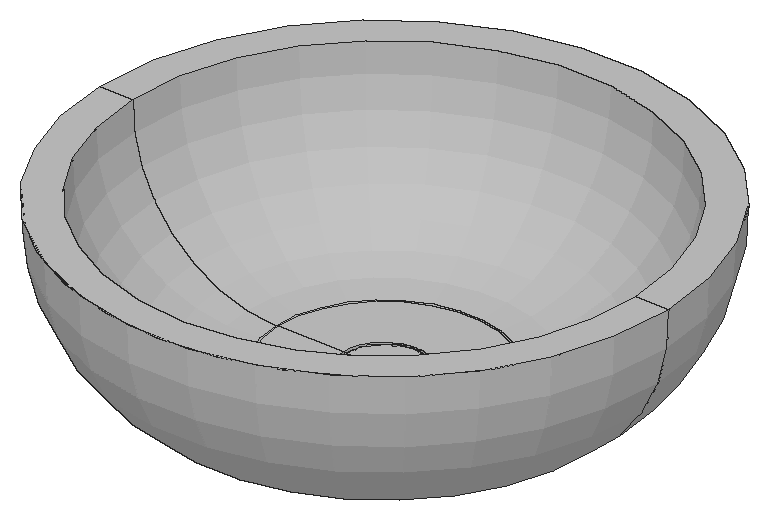
Revit family "Reece_Basin_Omvivo_Villa_Above Counter Basin_430 mm", category Plumbing Fixtures, host Face, Revit 2018
Family settings
  Host = Face
  Round Connector Dimension = Use Diameter
  Part Type = Normal
  Cut with Voids When Loaded = No
  Shared = Yes
  Room Calculation Point = Yes
Parameters (values of type "Cove Grey")
  WFU = 0  # constant formula
  URL = "https://www.reece.com.au/product/-1967640"
  Type Comments = "Basin"
  Reece_Product_Web Page = "https://www.reece.com.au/product/-1967640"
  Reece_Product_Type = "Basin"  # constant formula
  Reece_Product_Sub Brand = "Villa"  # constant formula
  Reece_Product_Number = "1967640"
  Reece_Product_Mount = "Above Counter"
  Reece_Product_Description = "Omvivo Villa Round Above Counter Basin 430 Cove Grey"
  Reece_Product_Brand = "Omvivo"  # constant formula
  Reece_Overall_Width = 430 mm  # constant formula
  Reece_Overall_Length = 430 mm  # constant formula
  Reece_Overall_Height = 146 mm  # constant formula
  Reece_Overall_Capacity = 18.00 L  # constant formula
  Reece_Material-Main = Reece_Cast_Solid_Surface_Cove Grey
  Reece_Detail_Installation = "Above Counter"  # constant formula
  Reece_Detail_Disclaimer = "THIS FILE IS THE PROPERTY OF THE REECE GROUP. IT MAY NOT BE REPRODUCED, REVERSE-ENGINEERED OR MODIFIED. ANY REPUBLICATION, TRANSMISSION OR DISTRIBUTION FOR THE PURPOSE OF COMMERCIALLY EXPLOITING THE FILES IS PROHIBITED."  # constant formula
  Reece_Detail_Connector = "No Taphole"  # constant formula
  Reece_Detail_Additional = "No Overflow"  # constant formula
  Reece_Basin_Outlet = 40 mm  # constant formula
  Model = "Villa"
  Manufacturer = "Omvivo"
  Keynote = "Product #1967640, Reece_Basin_Omvivo_Villa_Above Counter Basin_430 mm - Cove Grey"
  HWFU = 0  # constant formula
  Disclaimer = "THIS FILE IS THE PROPERTY OF THE REECE GROUP. IT MAY NOT BE REPRODUCED, REVERSE-ENGINEERED OR MODIFIED. ANY REPUBLICATION, TRANSMISSION OR DISTRIBUTION FOR THE PURPOSE OF COMMERCIALLY EXPLOITING THE FILES IS PROHIBITED."  # constant formula
  Description = "Omvivo Villa Round Above Counter Basin 430 Cove Grey"
  Default Elevation = 1000 mm
  CWFU = 0  # constant formula
Types (3, lengths in mm): name | URL | Reece_Product_Web Page | Reece_Product_Number | Reece_Product_Description | Reece_Material-Main | Keynote | Description
  (no name) | "https://www.reece.com.au/product/-1967636" | "https://www.reece.com.au/product/-1967636" | "1967636" | "Omvivo Villa Round Above Counter Basin 430 White Haven" | Reece_Cast_Solid_Surface_White Haven | "Product #1967636, Reece_Basin_Omvivo_Villa_Above Counter Basin_430 mm -  " | "Omvivo Villa Round Above Counter Basin 430 White Haven"
  White Haven | "https://www.reece.com.au/product/-1967636" | "https://www.reece.com.au/product/-1967636" | "1967636" | "Omvivo Villa Round Above Counter Basin 430 White Haven" | Reece_Cast_Solid_Surface_White Haven | "Product #1967636, Reece_Basin_Omvivo_Villa_Above Counter Basin_430 mm - White Haven" | "Omvivo Villa Round Above Counter Basin 430 White Haven"
  Cove Grey | "https://www.reece.com.au/product/-1967640" | "https://www.reece.com.au/product/-1967640" | "1967640" | "Omvivo Villa Round Above Counter Basin 430 Cove Grey" | Reece_Cast_Solid_Surface_Cove Grey | "Product #1967640, Reece_Basin_Omvivo_Villa_Above Counter Basin_430 mm - Cove Grey" | "Omvivo Villa Round Above Counter Basin 430 Cove Grey"
Reference planes
  plane 1 "Center (Front/Back)": y = -79.125
  plane 2 "Bottom": z = 0
  plane 3 "Center (Left/Right)": x = 0
  plane 4: x = 215
  plane 5: x = -215
  plane 6: y = 135.875
  plane 7: y = -294.125
  plane 8: z = 146
  plane 9: z = 6
  plane 10: z = -13
Forms (mm)
  Revolve 1, solid, material "Reece_Cast_Solid_Surface_Cove Grey" <- "Reece_Material-Main"
    sketch origin (0, -79.125, 0) x (1, 0, 0) y (0, 0, 1)
      loop
        line (-20, 0) -> (-20, 5) -> (-30.867, 10.067) -> (-30.867, 31) -> (-80.545, 31)
        arc (-80.545, 31) -> (-81.294, 31.003) -> (-82.044, 31.011) r 100
        arc (-82.044, 31.011) -> (-160.388, 65.623) -> (-189.976, 146) r 109.705
        line (-189.976, 146) -> (-215, 146)
        arc (-215, 146) -> (-177.713, 47.561) -> (-81, 6) r 134.705
        line (-81, 6) -> (-75, 0) -> (-20, 0)
      axis (0, 146) -> (0, 0)
    angle from 0 to 360
  Extrusion 2, void
    sketch origin (0, 0, 0) x (1, 0, 0) y (0, 1, 0)
      loop
        circle (0, -79.125) r 62.5
    from -13 to 33.548
  Revolve 3, solid, material "Reece_Cast_Solid_Surface_Cove Grey" <- "Reece_Material-Main"
    sketch origin (0, -79.125, 35.532) x (1, 0, 0) y (0, 0, 1)
      loop
        line (0, -48.532) -> (0, -4.532) -> (-28.275, -4.532)
        arc (-28.275, -4.532) -> (-28.951, -4.812) -> (-29.231, -5.487) r 0.956
        line (-29.231, -5.487) -> (-29.231, -10.25) -> (-21.866, -10.25) -> (-18.461, -16.148) -> (-18.461, -48.532) -> (0, -48.532)
      axis (0, -48.532) -> (0, -4.532)
    angle from 0 to 360
  Revolve 4, solid
    sketch origin (0, -79.125, 0) x (1, 0, 0) y (0, 0, 1)
      loop
        line (-20, 0) -> (-48, 0)
        arc (-48, 0) -> (-40.725, -5.725) -> (-35, -13) r 39.082
        line (-35, -13) -> (-20, -13) -> (-20, 0)
      axis (0, 0) -> (0, -13)
    angle from 0 to 360
  Extrusion 5, void
    sketch origin (0, 0, 0) x (1, 0, 0) y (0, 1, 0)
      loop
        circle (0, -79.125) r 62.5
    from -40.11 to 53.856
Text (mm)
  text "Reece Copyright © 2018, Reece Ltd." at (-902.343, -740.328, 0), in view "Ref. Level"
  text "Reece ©" at (44.384, 258.95, 192.345), in view "Reece Preview"
Dimensions and locks
  equal spacing: plane 5, plane 3 "Center (Left/Right)", plane 4
  "Reece_Overall_Width": plane 5 to plane 4
  "Reece_Overall_Width": plane 5 to Revolve 1
  plane 9 to host face = 6 mm
  Revolve 1 to Revolve 1 = 150 mm
  "Reece_Overall_Length": plane 6 to plane 7
  equal spacing: plane 6, plane 1 "Center (Front/Back)", plane 7
  plane 5 to Revolve 1 = 25.024 mm
  Revolve 1 to Revolve 1 = 379.952 mm
  "Reece_Overall_Length": plane 6 to plane 8
  "Reece_Overall_Height": level to Revolve 1
  Revolve 4 to Revolve 4 = 96 mm
  host face to plane 9 = 6 mm
  "Reece_Overall_Height": plane 2 "Bottom" to plane 8
  plane 10 to plane 8 = 159 mm
  Revolve 4 to Revolve 4 = 70 mm
  aligned and locked: host face to plane 2 "Bottom"
  aligned and locked: level to host face
Automatic sketch dimensions
  host sketch curve to host sketch curve = 801.051 mm
  host sketch curve to host sketch curve = 660.299 mm
  plane 1 "Center (Front/Back)" to Extrusion 2 sketch curve = 0 mm
  Extrusion 2 sketch curve to plane 3 "Center (Left/Right)" = 0 mm
  Revolve 1 sketch curve to Revolve 1 sketch curve = 0 mm  (x3)
  plane 5 to Revolve 1 sketch curve = 0 mm
  Revolve 1 sketch curve to plane 8 = 0 mm
  Revolve 1 sketch curve to plane 9 = 0 mm
  Revolve 1 sketch curve to level = 0 mm  (x2)
  Revolve 1 sketch curve to plane 3 "Center (Left/Right)" = 0 mm
  Revolve 1 sketch curve to plane 5 = 25.024 mm
  Revolve 1 sketch curve to plane 8 = 15 mm
  Revolve 1 sketch curve to plane 8 = 5.297 mm
  Revolve 1 sketch curve to Revolve 1 sketch curve = 6 mm
  Revolve 1 sketch curve to plane 3 "Center (Left/Right)" = 30.867 mm
  Revolve 1 sketch curve to plane 9 = 1 mm
  Revolve 1 sketch curve to Revolve 1 sketch curve = 10.867 mm
  plane 9 to Revolve 1 sketch curve = 4.067 mm
  Revolve 1 sketch curve to Revolve 1 sketch curve = 20.933 mm
  Revolve 1 sketch curve to Revolve 1 sketch curve = 1.499 mm
  Revolve 1 sketch curve to plane 8 = 16 mm
  Revolve 4 sketch curve to level = 0 mm  (x2)
  Revolve 4 sketch curve to plane 10 = 0 mm  (x2)
  Revolve 4 sketch curve to plane 3 "Center (Left/Right)" = 0 mm
  Revolve 4 sketch curve to Revolve 4 sketch curve = 20 mm
  Revolve 4 sketch curve to Revolve 4 sketch curve = 15 mm
  Revolve 4 sketch curve to Revolve 4 sketch curve = 13 mm
  Revolve 4 sketch curve to plane 10 = 20.36 mm
  Revolve 3 sketch curve to plane 10 = 0 mm
  Revolve 3 sketch curve to plane 3 "Center (Left/Right)" = 0 mm  (x2)
  Revolve 3 sketch curve to Revolve 3 sketch curve = 18.461 mm
  Revolve 3 sketch curve to Revolve 3 sketch curve = 3.405 mm
  Revolve 3 sketch curve to Revolve 3 sketch curve = 6.409 mm
  Revolve 3 sketch curve to Revolve 3 sketch curve = 0.956 mm
  plane 9 to Revolve 3 sketch curve = 13.384 mm
  Revolve 3 sketch curve to Revolve 3 sketch curve = 5.898 mm
  Revolve 3 sketch curve to Revolve 3 sketch curve = 4.762 mm
  Revolve 3 sketch curve to level = 5.367 mm
  Revolve 3 sketch curve to Revolve 3 sketch curve = 8.522 mm
  plane 1 "Center (Front/Back)" to Extrusion 5 sketch curve = 0 mm
  Extrusion 5 sketch curve to plane 3 "Center (Left/Right)" = 0 mm
  radius of Extrusion 2 sketch curve = 62.5 mm
  radius of Extrusion 5 sketch curve = 62.5 mm
Connectors
  piping at (0, -79.125, -13), diameter 40, driven by "Reece_Basin_Outlet"
    settings: on Revolve 4, index 1, connector inside diameter 609.6 mm, connector length 0 mm, flow factor 0, pipe flow 0.0 L/s, pressure drop 0.0 Pa, fitting loss kfactor 0, connector angle 0.00°, fixture units 0, engagement length 0 mm, angle of deflection 0.00°, flow configuration 0, flow direction 2, fitting loss method 0, system type 16, joint type 0, gender type 0, connector reference index -1, connector utility 0, adjustable connector no, is connector primary yes, connector description ""
